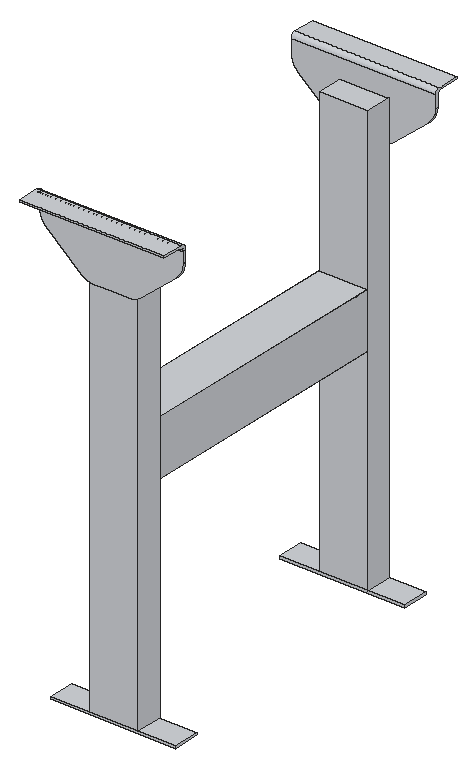
Revit family "C2101", category Specialty Equipment, Revit 2025
Family settings
  Round Connector Dimension = Use Diameter
  Part Type = Normal
  Work Plane-Based = Yes
  Enable Cutting in Views = No
  Always vertical = Yes
  Cut with Voids When Loaded = No
  Maintain Annotation Orientation = No
  Shared = No
  Room Calculation Point = No
Parameters
  Lookup Table Name 3 [instance] = "LEG_SUPPORT_D"
  Lookup Table Name 2 [instance] = "LEG_SUPPORT"
  Lookup Table Name [instance] = "LEG_SUPPORT_F"
  G [instance] = size_lookup(Lookup Table Name 2, "GG", 0' 7", Conveyor_Elevation_In, F)  # 0' - 0"
  F [instance] = size_lookup(Lookup Table Name, "FF", 0' 7", Conveyor_Elevation_In)  # 0' - 11"
  LEG_HEIGHT [instance] = Conveyor_Elevation_In - 0' 1 1/4" - 0' 0 31/256" - 0' 6 37/128"  # 1' - 10 87/256"
  Default Elevation = 4' - 0"
  D [instance] = size_lookup(Lookup Table Name 3, "DD", 1, Conveyor_Elevation_In, F)  # 1
  Cross_Member_width [instance] = CLR_NOMINAL_WIDTH - 0' 5 1/2"  # 1' - 1 1/2"
  Conveyor_Elevation_In [instance] = 2' - 6"
  CLR_NOMINAL_WIDTH = 1' - 7"
Reference planes (in)
  plane 1 "Center (Front/Back)": y = 0
  plane 2 "Level": z = 0
  plane 3 "Center (Left/Right)": x = 0
  plane 4: z = 23.71
  plane 5: y = 8.14062
  plane 6: y = -35.88324
  plane 7: x = 7.5
  plane 8 "Support_Centerline": x = 3.80669
  plane 9 "LH_Out": y = 9.5
  plane 10 "RH_Out": y = -9.5
  plane 11 "Bot_of_SideFrame": z = 23.71
  plane 12: z = 33.60641
  plane 13: y = 18.02386
  plane 14: y = -26
  plane 15: z = 23.71
  plane 16: y = -8.14062
  plane 17: y = 35.88324
  plane 18: z = 23.71
  plane 19: z = 33.60641
  plane 20: z = 23.71
  plane 21: y = -9.5
  plane 22: y = 9.5
  plane 23: y = 19.38324
  plane 24 "CROSS_CENTERLINE": z = 12.71
  plane 25: z = 23.71
  plane 26: z = 12.71
  plane 27 "CROSS_CENTERLINE": z = 77.75
  plane 28: z = 88.75
  plane 29: z = 77.75
  plane 30 "Center F/E": z = 12.71
  plane 31: z = 23.71
  plane 32: z = 12.71
  plane 33: y = 0.01063
  plane 34: y = -3.25
  plane 35: y = 0
  plane 36: z = 30
Forms (in)
  Extrusion 1, solid
    sketch origin (0, -9.88324, -8.29) x (0, 1, 0) y (0, 0, 1)
      loop
        line (19.38324, 32) -> (18.27386, 32)
        arc (18.27386, 32) -> (18.09708, 31.92678) -> (18.02386, 31.75) r 0.25
        line (18.02386, 31.75) -> (18.02386, 27.75) -> (18.13324, 27.75) -> (18.13324, 31.64063)
        arc (18.13324, 31.64063) -> (18.20646, 31.8174) -> (18.38324, 31.89063) r 0.25
        line (18.38324, 31.89063) -> (19.38324, 31.89063) -> (19.38324, 32)
    from 0 to 7.5
  Extrusion 2, void
    sketch origin (0, 8.14062, 24.46) x (0, 0, 1) y (1, 0, 0)
      loop
        line (-1.11719, 0) -> (-1.66256, 0)
        arc (-1.66256, 0) -> (-2.08229, 0.09235) -> (-2.4245, 0.35235) r 1
        line (-2.4245, 0.35235) -> (-4.01194, 2.21993)
        arc (-4.01194, 2.21993) -> (-4.1886, 2.52257) -> (-4.25, 2.86758) r 1
        line (-4.25, 2.86758) -> (-4.25, 3.75) -> (-4.25, 4.63242)
        arc (-4.25, 4.63242) -> (-4.1886, 4.97743) -> (-4.01194, 5.28007) r 1
        line (-4.01194, 5.28007) -> (-2.4245, 7.14765)
        arc (-2.4245, 7.14765) -> (-2.08229, 7.40765) -> (-1.66256, 7.5) r 1
        line (-1.66256, 7.5) -> (-1.11719, 7.5) -> (-1.11719, 8.36747) -> (-5.5, 8.36747) -> (-5.5, 3.75) -> (-5.5, -0.86747) -> (-1.11719, -0.86747) -> (-1.11719, 0)
    from 0 to 0.10938
  Extrusion 3, solid, not visible
    sketch origin (0, 0, 1.60641) x (0, 1, 0) y (0, 0, 1)
      loop
        line (19.38324, 32) -> (18.27386, 32)
        arc (18.27386, 32) -> (18.09708, 31.92678) -> (18.02386, 31.75) r 0.25
        line (18.02386, 31.75) -> (18.02386, 27.75) -> (18.13324, 27.75) -> (18.13324, 31.64063)
        arc (18.13324, 31.64063) -> (18.20646, 31.8174) -> (18.38324, 31.89063) r 0.25
        line (18.38324, 31.89063) -> (19.38324, 31.89063) -> (19.38324, 32)
    from 0 to 7.5
  Extrusion 4, void, not visible
    sketch origin (0, 18.02386, 44.25281) x (0, 0, 1) y (1, 0, 0)
      loop
        line (-1.11719, 0) -> (-1.66256, 0)
        arc (-1.66256, 0) -> (-2.08229, 0.09235) -> (-2.4245, 0.35235) r 1
        line (-2.4245, 0.35235) -> (-4.01194, 2.21993)
        arc (-4.01194, 2.21993) -> (-4.1886, 2.52257) -> (-4.25, 2.86758) r 1
        line (-4.25, 2.86758) -> (-4.25, 3.75) -> (-4.25, 4.63242)
        arc (-4.25, 4.63242) -> (-4.1886, 4.97743) -> (-4.01194, 5.28007) r 1
        line (-4.01194, 5.28007) -> (-2.4245, 7.14765)
        arc (-2.4245, 7.14765) -> (-2.08229, 7.40765) -> (-1.66256, 7.5) r 1
        line (-1.66256, 7.5) -> (-1.11719, 7.5) -> (-1.11719, 8.36747) -> (-5.5, 8.36747) -> (-5.5, 3.75) -> (-5.5, -0.86747) -> (-1.11719, -0.86747) -> (-1.11719, 0)
    from 0 to 0.10938
  Extrusion 5, solid
    sketch origin (0, -9.88324, -8.29) x (0, 1, 0) y (0, 0, 1)
      loop
        line (0.38324, 32) -> (0.38324, 31.89063) -> (1.38324, 31.89063)
        arc (1.38324, 31.89063) -> (1.56001, 31.8174) -> (1.63324, 31.64063) r 0.25
        line (1.63324, 31.64063) -> (1.63324, 27.75) -> (1.74261, 27.75) -> (1.74261, 31.75)
        arc (1.74261, 31.75) -> (1.66939, 31.92678) -> (1.49261, 32) r 0.25
        line (1.49261, 32) -> (0.38324, 32)
    from 0 to 7.5
  Extrusion 6, void
    sketch origin (0, -8.14062, 24.46) x (0, 0, 1) y (-1, 0, 0)
      loop
        line (-1.11719, 0) -> (-1.11719, 0.86747) -> (-5.5, 0.86747) -> (-5.5, -3.75) -> (-5.5, -8.36747) -> (-1.11719, -8.36747) -> (-1.11719, -7.5) -> (-1.66256, -7.5)
        arc (-1.66256, -7.5) -> (-2.08229, -7.40765) -> (-2.4245, -7.14765) r 1
        line (-2.4245, -7.14765) -> (-4.01194, -5.28007)
        arc (-4.01194, -5.28007) -> (-4.1886, -4.97743) -> (-4.25, -4.63242) r 1
        line (-4.25, -4.63242) -> (-4.25, -3.75) -> (-4.25, -2.86758)
        arc (-4.25, -2.86758) -> (-4.1886, -2.52257) -> (-4.01194, -2.21993) r 1
        line (-4.01194, -2.21993) -> (-2.4245, -0.35235)
        arc (-2.4245, -0.35235) -> (-2.08229, -0.09235) -> (-1.66256, 0) r 1
        line (-1.66256, 0) -> (-1.11719, 0)
    from 0 to 0.10938
  Extrusion 7, solid
    sketch origin (3.80669, 0, 0) x (0, 1, 0) y (0, 0, 1)
      loop
        line (8.14063, 22.46) -> (6.76063, 22.46) -> (6.76063, 0.12016) -> (8.14063, 0.12016) -> (8.14063, 22.46)
    from -1.25 to 1.25
  Extrusion 8, solid
    sketch origin (3.80669, 0, 0) x (0, -1, 0) y (0, 0, -1)
      loop
        line (8.14062, -22.46) -> (8.14062, -0.12016) -> (6.76062, -0.12016) -> (6.76062, -22.46) -> (8.14062, -22.46)
    from -1.25 to 1.25
  Extrusion 9, solid
    sketch origin (0, 0, 0) x (0, 1, 0) y (0, 0, 1)
      loop
        line (-8.14062, 0.12109) -> (-8.14062, 0) -> (-6.76062, 0) -> (-6.76062, 0.12109) -> (-8.14062, 0.12109)
    from 0.5 to 7
  Extrusion 10, solid
    sketch origin (0, 0, 0) x (0, -1, 0) y (0, 0, -1)
      loop
        line (-8.14062, -0.12109) -> (-6.76062, -0.12109) -> (-6.76062, 0) -> (-8.14062, 0) -> (-8.14062, -0.12109)
    from 0.5 to 7
  Extrusion 11, solid
    sketch origin (3.80669, 3.26063, -65.04) x (0, 1, 0) y (0, 0, 1)
      loop
        line (-10, 79.19) -> (-10, 76.31) -> (3.5, 76.31) -> (3.5, 79.19) -> (-10, 79.19)
    from -1.25 to 1.25
  Extrusion 12, solid, not visible
    sketch origin (3.80669, 0, 0) x (0, 1, 0) y (0, 0, 1)
      loop
        line (-10, 79.19) -> (-10, 76.31) -> (3.5, 76.31) -> (3.5, 79.19) -> (-10, 79.19)
    from -1.25 to 1.25
  Extrusion 13, solid
    sketch origin (3.80669, 3.25, -65.04) x (0, 1, 0) y (0, 0, 1)
      loop
        line (-10, 79.19) -> (-10, 76.31) -> (3.5, 76.31) -> (3.5, 79.19) -> (-10, 79.19)
    from -1.25 to 1.25
Cuts and joins
  Extrusion 2, Extrusion 6 cuts Extrusion 1
  Extrusion 6 cuts Extrusion 5
Dimensions and locks (in)
  locked: Extrusion 1 sketch curve to Extrusion 1 sketch curve at 4.25
  Extrusion 1 sketch curve to Extrusion 1 sketch curve to plane 5 = 0' - 1 23/64", 0' - 0" locked
  locked: plane 3 "Center (Left/Right)" to plane 7 at 7.5
  equal spacing: plane 9 "LH_Out", plane 1 "Center (Front/Back)", plane 10 "RH_Out"
  "CLR_NOMINAL_WIDTH": plane 9 "LH_Out" to plane 10 "RH_Out"
  locked: Extrusion 3 sketch curve to Extrusion 3 sketch curve at 4.25
  Extrusion 3 sketch curve to Extrusion 3 sketch curve to plane 13 = 0' - 1 23/64", 0' - 0" locked
  locked: Extrusion 5 sketch curve to Extrusion 5 sketch curve at 4.25
  Extrusion 5 sketch curve to plane 16 to Extrusion 5 sketch curve = 0' - 0" locked, 0' - 1 23/64"
  plane 11 "Bot_of_SideFrame" to level = 1' - 11.71"
  locked: Extrusion 7 sketch curve to plane 11 "Bot_of_SideFrame" at 1.25
  "LEG_HEIGHT": Extrusion 7 sketch curve to Extrusion 7 sketch curve
  locked: Extrusion 7 sketch curve to Extrusion 7 sketch curve at 1.38
  "LEG_HEIGHT": Extrusion 8 sketch curve to Extrusion 8 sketch curve
  locked: Extrusion 8 sketch curve to Extrusion 8 sketch curve at 1.38
  Extrusion 9 sketch curve to Extrusion 8 = 0' - 0.12016"
  Extrusion 5 to Extrusion 2 = 0' - 0 1/2"
  equal spacing: Extrusion 11 sketch curve, plane 24 "CROSS_CENTERLINE", Extrusion 11 sketch curve
  locked: Extrusion 11 sketch curve to Extrusion 11 sketch curve at 2.88
  "F": plane 25 to plane 24 "CROSS_CENTERLINE"
  plane 11 "Bot_of_SideFrame" to plane 25 = 0' - 0"
  equal spacing: Extrusion 12 sketch curve, plane 27 "CROSS_CENTERLINE", Extrusion 12 sketch curve
  locked: Extrusion 12 sketch curve to Extrusion 12 sketch curve at 2.88
  "F": plane 28 to plane 27 "CROSS_CENTERLINE"
  "F": plane 11 "Bot_of_SideFrame" to plane 26
  equal spacing: Extrusion 13 sketch curve, plane 30 "Center F/E", Extrusion 13 sketch curve
  locked: Extrusion 13 sketch curve to Extrusion 13 sketch curve at 2.88
  "F": plane 31 to plane 30 "Center F/E"
  group 4 to group 6 = 0' - 0"  (x2)
  group 6 to group 4 = 0' - 0.01062"
  "G": plane 26 to plane 32
  "Cross_Member_width": Extrusion 11 sketch curve to Extrusion 11 sketch curve
  "Cross_Member_width": Extrusion 12 sketch curve to Extrusion 12 sketch curve
  "Cross_Member_width": Extrusion 13 sketch curve to Extrusion 13 sketch curve
  locked: plane 36 to plane 11 "Bot_of_SideFrame" at 6.29
  "Conveyor_Elevation_In": plane 36 to level
  aligned and locked: level to plane 2 "Level"
  aligned and locked: plane 7 to Extrusion 1
  aligned and locked: plane 11 "Bot_of_SideFrame" to plane 20
  aligned and locked: plane 10 "RH_Out" to plane 21
  aligned and locked: plane 22 to plane 9 "LH_Out"
  aligned and locked: plane 11 "Bot_of_SideFrame" to plane 18
  aligned and locked: Extrusion 7 sketch curve to cut or joined group of Extrusion 1, Extrusion 2, Extrusion 6
  aligned and locked: Extrusion 9 to Extrusion 8
  aligned and locked: Extrusion 7 to Extrusion 11
  aligned and locked: Extrusion 11 to Extrusion 7  (x2)
  aligned and locked: plane 8 "Support_Centerline" to connector elem
Automatic sketch dimensions
  Extrusion 1 sketch curve to plane 4 = 0' - 0"
  Extrusion 1 sketch curve to Extrusion 1 sketch curve = 0' - 0 7/64"  (x2)
  Extrusion 1 sketch curve to plane 5 = 0' - 0 1/4"
  Extrusion 1 sketch curve to plane 4 = 0' - 0 7/64"
  Extrusion 1 to Extrusion 2 sketch curve = 0' - 0 3/4"
  Extrusion 1 to Extrusion 2 sketch curve = 0' - 0"
  Extrusion 2 sketch curve to Extrusion 1 = 0' - 0"
  Extrusion 2 sketch curve to Extrusion 1 = 0' - 0 1/2"
  Extrusion 1 to Extrusion 2 sketch curve = 0' - 0.98806"  (x2)
  Extrusion 2 sketch curve to Extrusion 2 sketch curve = 0' - 1"  (x2)
  Extrusion 2 sketch curve to Extrusion 1 = 0' - 0.35235"  (x2)
  Extrusion 1 to Extrusion 2 sketch curve = 0' - 2.5755"  (x2)
  Extrusion 2 sketch curve to Extrusion 2 sketch curve = 0' - 0.76194"  (x2)
  Extrusion 2 sketch curve to Extrusion 1 = 0' - 0 15/128"  (x2)
  Extrusion 1 to Extrusion 2 sketch curve = 0' - 0.86747"  (x2)
  Extrusion 2 sketch curve to Extrusion 1 = 0' - 2.21993"
  Extrusion 2 sketch curve to Extrusion 2 sketch curve = 0' - 0.88242"  (x3)
  Extrusion 3 sketch curve to plane 12 = 0' - 0"
  Extrusion 3 sketch curve to Extrusion 3 sketch curve = 0' - 0 7/64"  (x2)
  Extrusion 3 sketch curve to plane 13 = 0' - 0 1/4"
  Extrusion 3 sketch curve to plane 12 = 0' - 0 7/64"
  Extrusion 3 to Extrusion 4 sketch curve = 0' - 10.64641"
  Extrusion 3 to Extrusion 4 sketch curve = 0' - 0"
  Extrusion 4 sketch curve to Extrusion 3 = 0' - 0"
  Extrusion 3 to Extrusion 4 sketch curve = 0' - 9.39641"
  Extrusion 3 to Extrusion 4 sketch curve = 0' - 10.88447"  (x2)
  Extrusion 4 sketch curve to Extrusion 4 sketch curve = 0' - 1"  (x2)
  Extrusion 4 sketch curve to Extrusion 3 = 0' - 0.35235"  (x2)
  Extrusion 3 to Extrusion 4 sketch curve = 1' - 0.47191"  (x2)
  Extrusion 4 sketch curve to Extrusion 4 sketch curve = 0' - 0.76194"  (x2)
  Extrusion 3 to Extrusion 4 sketch curve = 0' - 9.77922"  (x2)
  Extrusion 3 to Extrusion 4 sketch curve = 0' - 0.86747"  (x2)
  Extrusion 4 sketch curve to Extrusion 3 = 0' - 2.21993"
  Extrusion 4 sketch curve to Extrusion 4 sketch curve = 0' - 0.88242"  (x3)
  Extrusion 5 sketch curve to plane 15 = 0' - 0"
  Extrusion 5 sketch curve to Extrusion 5 sketch curve = 0' - 0 7/64"  (x2)
  plane 16 to Extrusion 5 sketch curve = 0' - 0 1/4"
  Extrusion 5 sketch curve to plane 15 = 0' - 0 7/64"
  Extrusion 5 to Extrusion 6 sketch curve = 0' - 0"
  Extrusion 6 sketch curve to Extrusion 5 = 0' - 0"
  Extrusion 6 sketch curve to Extrusion 6 sketch curve = 0' - 1"  (x2)
  Extrusion 5 to Extrusion 6 sketch curve = 0' - 0.35235"  (x2)
  Extrusion 6 sketch curve to Extrusion 6 sketch curve = 0' - 0.76194"  (x2)
  Extrusion 6 sketch curve to Extrusion 5 = 0' - 0.86747"  (x2)
  Extrusion 5 to Extrusion 6 sketch curve = 0' - 2.21993"
  Extrusion 6 sketch curve to Extrusion 6 sketch curve = 0' - 0.88242"  (x3)
  Extrusion 5 to Extrusion 6 sketch curve = 0' - 0 3/4"  (x2)
  Extrusion 6 sketch curve to Extrusion 5 = 0' - 0 1/2"  (x2)
  Extrusion 5 to Extrusion 6 sketch curve = 0' - 0.98806"  (x4)
  Extrusion 5 to Extrusion 6 sketch curve = 0' - 2.5755"  (x4)
  Extrusion 6 sketch curve to Extrusion 5 = 0' - 0 15/128"  (x4)
  level to Extrusion 9 sketch curve = 0' - 0 31/256"
  Extrusion 9 sketch curve to plane 10 "RH_Out" = 0' - 1 23/64"
  Extrusion 9 sketch curve to Extrusion 9 sketch curve = 0' - 1.38"
  Extrusion 10 sketch curve to level = 0' - 0"
  level to Extrusion 10 sketch curve = 0' - 0 31/256"
  plane 9 "LH_Out" to Extrusion 10 sketch curve = 0' - 1 23/64"
  Extrusion 10 sketch curve to Extrusion 10 sketch curve = 0' - 1.38"
  Extrusion 8 sketch curve to plane 11 "Bot_of_SideFrame" = 0' - 1 1/4"
  Extrusion 8 sketch curve to plane 10 "RH_Out" = 0' - 2.73938"
Connectors (in)
  cabletrayconduit at (3.80669, 0, 23.71), diameter 6
    settings: index 1, connector width 1' - 0", connector height 1' - 0", connector angle 0.00°, system type 32, placement type 0, profile type 0, connector reference index -1, is primary connector yes, connector utility param no, connector description ""
